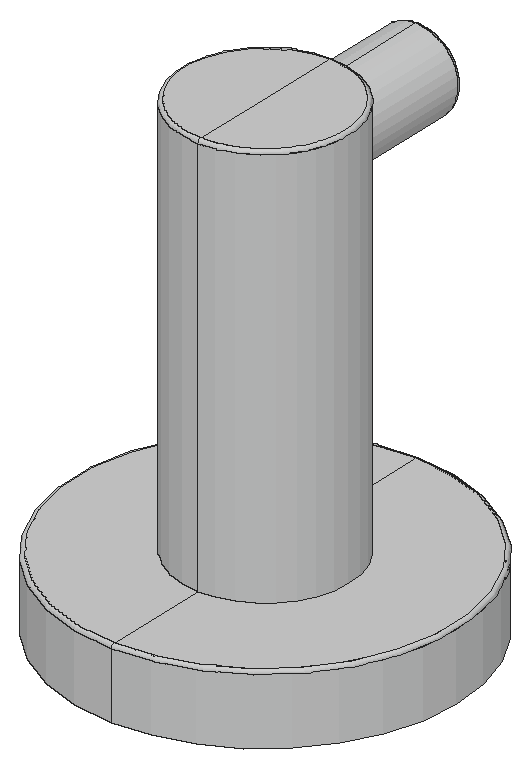
Revit family "RobeHook_Single_Abey_Builders_FaceBased", category Specialty Equipment, host Face, Revit 2022
Family settings
  Host = Face
  Round Connector Dimension = Use Diameter
  Part Type = Normal
  OmniClass Number = 23.31.25.00
  OmniClass Title = Toilet and Bath Specialties
  Cut with Voids When Loaded = No
  Maintain Annotation Orientation = No
  Shared = No
  Room Calculation Point = No
Parameters (values of type "Chrome (1AB-RH)")
  Uniclass2015Version = "Products v1.38"
  Uniclass2015Title = "Clothes hooks"
  Uniclass2015Code = "Pr_40_30_78_15"
  URL = "https://www.abey.com.au/"
  Type Comments = "Robe Hook - Single - Chrome"
  ModifiedIssue = 20251103
  Model = "1AB-RH"
  Material = Metal_Abey_Chrome
  ManufacturerURLProductSpecific = "https://www.abeyspecifier.com.au/product/abey-builders-robe-hook/"
  ManufacturerSpecCode = Model  # "1AB-RH"
  ManufacturerOverallWidth = 55 mm  # constant formula
  ManufacturerOverallHeight = 55 mm  # constant formula
  ManufacturerOverallDepth = 68 mm  # constant formula
  Manufacturer = "Abey"
  Keynote = ""
  IfcExportType = "NOTDEFINED"
  IfcExportAs = "IfcFurniture"
  Description = "Abey Builders Robe Hook Chrome"
  Default Elevation = 1700 mm
  CreatedByURL = "https://igsgroup.com.au"
  CreatedBy = "IGS BIM Solutions"  # constant formula
  Cost = 0
  Assembly Code = "C1030210"
Types (3, lengths in mm): name | Type Comments | Model | Material | ManufacturerURLProductSpecific | ManufacturerSpecCode | Description
  Chrome (1AB-RH) | "Robe Hook - Single - Chrome" | "1AB-RH" | Metal_Abey_Chrome | "https://www.abeyspecifier.com.au/product/abey-builders-robe-hook/" | "1AB-RH" | "Abey Builders Robe Hook Chrome"
  Brushed Nickel (1AB-RH-BN) | "Robe Hook - Single - Brushed Nickel" | "1AB-RH-BN" | Metal_Abey_BrushedNickel | "https://www.abeyspecifier.com.au/product/abey-builders-robe-hook/?attribute_pa_finish=brushed-nickel" | "1AB-RH-BN" | "Abey Builders Robe Hook Brushed Nickel"
  Black (1AB-RH-B) | "Robe Hook - Single - Black" | "1AB-RH-B" | Metal_Abey_Black | "https://www.abeyspecifier.com.au/product/abey-builders-robe-hook/?attribute_pa_finish=black" | "1AB-RH-B" | "Abey Builders Robe Hook Black"
Reference planes
  plane 1 "Top": y = 46.5
  plane 2 "WallFace": z = 0
  plane 3 "Center (Left/Right)": x = -97.18
  plane 4 "Bottom": y = -8.5
  plane 5 "Left": x = -124.68
  plane 6 "Right": x = -69.68
  plane 7 "Back": z = 0
  plane 8 "Front": z = 68
  plane 9 "MountingHeight": y = 19
Text (mm)
  text "Disclaimer:\nDue to ongoing product development and manufacturing evolution, product details are subject to change without notice. Please refer to product technical data sheets on the manufacturers website for the most current product information. Please allow a +/- 5mm manufacturing tolerance for dimensions and set-outs shown in product literature." at (19.17, 100.776, 0), in view "Ref. Level"
Dimensions and locks
  equal spacing: plane 5 "Left", plane 3 "Center (Left/Right)", plane 6 "Right"
  "ManufacturerOverallWidth": plane 5 "Left" to plane 6 "Right"
  "ManufacturerOverallHeight": plane 4 "Bottom" to plane 1 "Top"
  "ManufacturerOverallDepth": plane 8 "Front" to plane 7 "Back"
  equal spacing: plane 4 "Bottom", plane 9 "MountingHeight", plane 1 "Top"
  aligned and locked: plane 2 "WallFace" to host face
  aligned and locked: level to host face
  aligned and locked: plane 7 "Back" to plane 2 "WallFace"
  aligned and locked: plane 7 "Back" to nested 1
  aligned and locked: plane 3 "Center (Left/Right)" to nested 1
  aligned and locked: nested 1 to plane 9 "MountingHeight"
Automatic sketch dimensions
  host sketch curve to host sketch curve = 175.901 mm
  host sketch curve to host sketch curve = 128.36 mm
Nested families
  nested 1: "z_RobeHook_Single_Abey_Builders" at (-34.68, 19, 177.5) x (1, 0, 0) z (0, 1, 0), type "Type 1"
Definition of nested family "z_RobeHook_Single_Abey_Builders"
  Parameters (values of type "Type 1")
    URL = "https://www.abey.com.au/"
    Type Comments = ""
    Model = ""
    ManufacturerOverallWidth = 55 mm  # constant formula
    ManufacturerOverallHeight = 55 mm  # constant formula
    ManufacturerOverallDepth = 68 mm  # constant formula
    Manufacturer = "Abey"  # constant formula
    Description = ""
    Default Elevation = 0 mm
    CreatedByURL = "https://igsgroup.com.au"
    CreatedBy = "IGS BIM Solutions"  # constant formula
    Material = none
    Assembly Code = "C1030210"
  Reference planes
    plane 1 "Ref. Level": z = 0
    plane 2 "Left": x = -90
    plane 3 "Right": x = -35
    plane 4 "Back": y = 177.5
    plane 5 "Center (Elevation)": z = 0
    plane 6 "Top": z = 27.5
    plane 7 "Center (Left/Right)": x = -62.5
    plane 8 "Front": y = 109.5
    plane 9 "Bottom": z = -27.5
  Forms (mm)
    Revolve 1, solid, material <- "Material"
      sketch origin (-62.5, 0, 0) x (0, 1, 0) y (0, 0, 1)
        loop
          line (177.5, 0) -> (177.5, 27.5) -> (168, 27.5)
          arc (168, 27.5) -> (167.646, 27.354) -> (167.5, 27) r 0.5
          line (167.5, 27) -> (167.5, 12) -> (110, 12)
          arc (110, 12) -> (109.646, 11.854) -> (109.5, 11.5) r 0.5
          line (109.5, 11.5) -> (109.5, 0) -> (177.5, 0)
        axis (109.5, 0) -> (177.5, 0)
      angle from 0 to 360
    Revolve 2, solid, material <- "Material"
      sketch origin (-62.5, 0, 0) x (0, 1, 0) y (0, 0, 1)
        loop
          line (123.709, 9.889) -> (123.709, 27)
          arc (123.709, 27) -> (123.563, 27.354) -> (123.209, 27.5) r 0.5
          line (123.209, 27.5) -> (117.709, 27.5) -> (117.709, 9.889) -> (123.709, 9.889)
        axis (117.709, 27.5) -> (117.709, 9.889)
      angle from 0 to 360
  Cuts and joins
    joined: Revolve 1, Revolve 2
  Lines and regions (mm)
    Masking region 1
      outline origin (0, 0, 27.5) x (0, -1, 0) y (1, 0, 0)
        loop
          line (-177.5, -90) -> (-168, -90)
          arc (-168, -90) -> (-167.646, -89.854) -> (-167.5, -89.5) r 0.5
          line (-167.5, -89.5) -> (-167.5, -74.5) -> (-110, -74.5)
          arc (-110, -74.5) -> (-109.646, -74.354) -> (-109.5, -74) r 0.5
          line (-109.5, -74) -> (-109.5, -51)
          arc (-109.5, -51) -> (-109.646, -50.646) -> (-110, -50.5) r 0.5
          line (-110, -50.5) -> (-167.5, -50.5) -> (-167.5, -35.5)
          arc (-167.5, -35.5) -> (-167.646, -35.146) -> (-168, -35) r 0.5
          line (-168, -35) -> (-177.5, -35) -> (-177.5, -90)
    symbolic lines, detail levels medium+fine
      curve 1: line (-74.5, 167.5, 27.5) -> (-50.5, 167.5, 27.5)
      curve 2: circle (-62.5, 117.709, 27.5) r 6 normal (0, 0, 1)
  Dimensions and locks
    "ManufacturerOverallWidth": plane 2 "Left" to plane 3 "Right"
    equal spacing: plane 2 "Left", plane 7 "Center (Left/Right)", plane 3 "Right"
    "ManufacturerOverallDepth": plane 8 "Front" to plane 4 "Back"
    equal spacing: plane 6 "Top", plane 5 "Center (Elevation)", plane 9 "Bottom"
    "ManufacturerOverallHeight": plane 6 "Top" to plane 9 "Bottom"
    aligned and locked: level to plane 1 "Ref. Level"
  Automatic sketch dimensions
    Revolve 1 sketch curve to level = 0 mm  (x2)
    Revolve 1 sketch curve to plane 8 "Front" = 0 mm
    plane 6 "Top" to Revolve 1 sketch curve = 0 mm
    Revolve 1 sketch curve to plane 4 "Back" = 0 mm  (x2)
    Revolve 1 sketch curve to Revolve 1 sketch curve = 0.5 mm  (x2)
    plane 4 "Back" to Revolve 1 sketch curve = 10 mm
    level to Revolve 1 sketch curve = 11.5 mm
    Revolve 1 sketch curve to Revolve 1 sketch curve = 7.545 mm
    plane 6 "Top" to Revolve 2 sketch curve = 0 mm
    Revolve 2 sketch curve to plane 8 "Front" = 8.209 mm
    Revolve 2 sketch curve to Revolve 2 sketch curve = 5.5 mm
    Revolve 2 sketch curve to Revolve 2 sketch curve = 0.5 mm
    level to Revolve 2 sketch curve = 9.889 mm
    Revolve 2 sketch curve to Revolve 2 sketch curve = 0 mm  (x2)
    Revolve 2 sketch curve to Revolve 2 sketch curve = 2.526 mm
    Masking region 1 sketch curve to plane 3 "Right" = 0 mm
    plane 4 "Back" to Masking region 1 sketch curve = 0 mm
    Masking region 1 sketch curve to plane 2 "Left" = 0 mm
    plane 8 "Front" to Masking region 1 sketch curve = 0 mm
    plane 4 "Back" to Masking region 1 sketch curve = 9.5 mm  (x2)
    plane 4 "Back" to Masking region 1 sketch curve = 10 mm  (x2)
    Masking region 1 sketch curve to plane 8 "Front" = 0.5 mm
    Masking region 1 sketch curve to plane 7 "Center (Left/Right)" = 12 mm
    Masking region 1 sketch curve to Masking region 1 sketch curve = 0.5 mm
    plane 7 "Center (Left/Right)" to Masking region 1 sketch curve = 11.5 mm
    plane 4 "Back" to curve 1 = 10 mm
    curve 1 to plane 7 "Center (Left/Right)" = 12 mm
    plane 7 "Center (Left/Right)" to curve 1 = 12 mm
